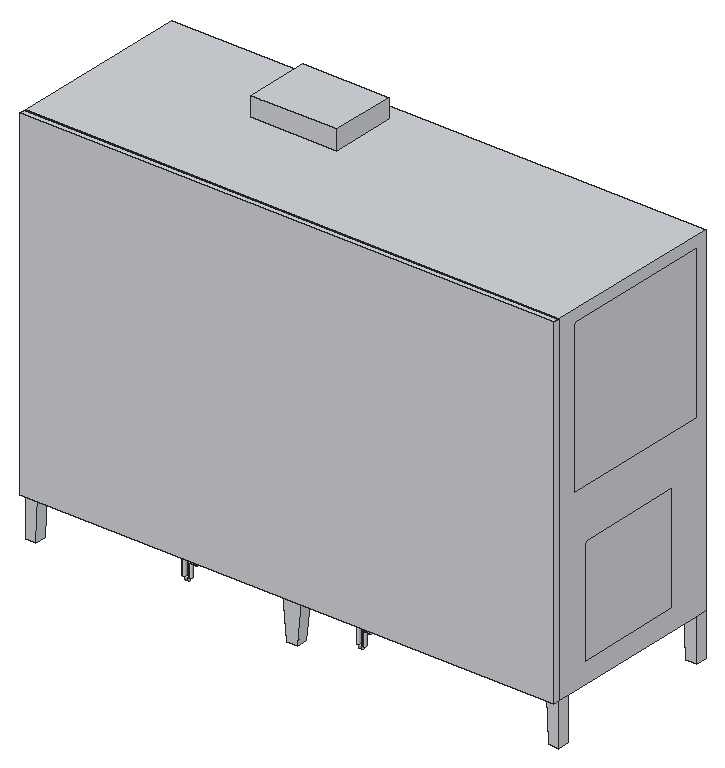
Revit family "AHU 5 _5", category Mechanické zařízení, Revit 2018
Family settings
  Kóta kulaté spojky = Použít průměr
  Typ dílu = Normální
  Číslo OmniClass = 23.75.00.00
  Nadpis OmniClass = Climate Control (HVAC)
  Založené na pracovní rovině = Ne
  Vždy vertikální = Ano
  Ořezat dutým tvarem při načtení = Ne
  Sdílené = Ne
  Bod výpočtu místnosti = Ne
Parameters (values of type "DUPLEXVENT 5000 Multi")
  Width [instance] = 0.885 mm
  Weight [instance] = 422.00 kg
  URL = ""
  Type [instance] = "DUPLEXVENT 5000 Multi"
  Total_SFP [instance] = 0
  Supply_outlet_hum [instance] = 90
  Supply_inlet_hum [instance] = 90
  Supply_ext_pressure [instance] = 0.0 Pa
  Supply_SFP [instance] = 0
  Source_adu_file [instance] = ""
  Recuperation_type [instance] = "Plate heat recovery exchanger"
  Recuperation_efficiency_EN308 [instance] = 0
  Project_name [instance] = ""
  Project_date [instance] = "9.8.2023"
  Power_supply_fusing [instance] = "0"
  Power_supply_cable [instance] = "0"
  Position [instance] = "AHU 5 "
  Phases_count [instance] = 3
  Panel_thickness [instance] = 0.06 mm
  Outer_surface [instance] = "RAL 9002"
  Length [instance] = 2.5 mm
  Insulation_type [instance] = "PUR"
  Insulation_thickness [instance] = 0.05 mm
  Installation_environment [instance] = ""
  Input_power_max [instance] = 6600 W
  Inner_surface [instance] = "Pozink"
  I2 [instance] = I1  # 0.0 L/s
  Height [instance] = 1.6 mm
  Exhaust_outlet_hum [instance] = 40
  Exhaust_inlet_hum [instance] = 40
  Exhaust_ext_pressure [instance] = 0.0 Pa
  Exhaust_SFP [instance] = 0
  E1 [instance] = E2 - M1  # 0.0 L/s
  E2 [instance] = 0.0 L/s
  I1 [instance] = 0.0 L/s
  Description = ""
  M1 [instance] = 0.0 L/s
  Device_dutypoint_version [instance] = "0"
  Device_design_version [instance] = "9"
  Device_adu_id [instance] = "5"
  Current_max [instance] = 10.8 A
  Casing_mat [instance] = "painted zinc layer"
  Cable type [instance] = "CYKY 5Jx2,5"
Reference planes
  plane 1 "Střed (vpředu/vzadu)": y = 0
  plane 2 "ref": z = 0
  plane 3 "Střed (vlevo/vpravo)": x = 0
Forms (mm)
  Sweep 1, solid
    path origin (0, 0, 0) x (0, 0, 1) y (1, 0, 0)
      loop
        line (0, 0) -> (1600, 0)
    profile origin (0, 0, 0) x (1, 0, 0) y (0, 1, 0)
      loop
        line (0, 0) -> (2500, 0) -> (2500, 855) -> (0, 855) -> (0, 0)
  Sweep 2, solid
    path origin (0, 0, 0) x (0, 0, 1) y (1, 0, 0)
      loop
        line (0, 0) -> (1600, 0)
    profile origin (0, 0, 0) x (1, 0, 0) y (0, 1, 0)
      loop
        line (0, 0) -> (0, -30) -> (2500, -30) -> (2500, 0) -> (0, 0)
  Sweep 3, solid
    path origin (1, 405, 350) x (0, 1, 0) y (-1, 0, 0)
      loop
        line (0, 0) -> (0, 1)
    profile origin (1, 405, 350) x (0, -1, 0) y (0, 0, 1)
      loop
        line (-250, -250) -> (250, -250) -> (250, 250) -> (-250, 250) -> (-250, -250)
  Sweep 4, solid
    path origin (2499, 445, 1190) x (1, 0, 0) y (0, 1, 0)
      loop
        line (0, 0) -> (1, 0)
    profile origin (2499, 445, 1190) x (0, 1, 0) y (0, 0, 1)
      loop
        line (-355, 355) -> (-355, -355) -> (355, -355) -> (355, 355) -> (-355, 355)
  Sweep 5, solid
    path origin (2499, 405, 350) x (1, 0, 0) y (0, 1, 0)
      loop
        line (0, 0) -> (1, 0)
    profile origin (2499, 405, 350) x (0, 1, 0) y (0, 0, 1)
      loop
        line (-250, 250) -> (-250, -250) -> (250, -250) -> (250, 250) -> (-250, 250)
  Sweep 6, solid
    path origin (1, 445, 1190) x (0, 1, 0) y (-1, 0, 0)
      loop
        line (0, 0) -> (0, 1)
    profile origin (1, 445, 1190) x (0, -1, 0) y (0, 0, 1)
      loop
        line (-355, -355) -> (355, -355) -> (355, 355) -> (-355, 355) -> (-355, -355)
  Sweep 7, solid
    path origin (1500, 75, 0) x (0, -1, 0) y (0, 0, 1)
      loop
        line (0, 0) -> (0, -142)
    profile origin (1500, 75, 0) x (-1, 0, 0) y (0, -1, 0)
      loop
        circle (0, 0) r 8
  Sweep 8, solid
    path origin (1508, 75, -150) x (0, 0, -1) y (1, 0, 0)
      loop
        line (0, 0) -> (0, 14)
    profile origin (1508, 75, -150) x (0, 0, 1) y (0, -1, 0)
      loop
        circle (0, 0) r 8
  Sweep 9, solid
    path origin (1530, 75, -142) x (0, -1, 0) y (0, 0, 1)
      loop
        line (0, 0) -> (0, 59)
    profile origin (1530, 75, -142) x (0, 1, 0) y (-1, 0, 0)
      loop
        circle (0, 0) r 8
  Sweep 10, solid
    path origin (1538, 75, -75) x (0, 0, -1) y (1, 0, 0)
      loop
        line (0, 0) -> (0, 22)
    profile origin (1538, 75, -75) x (0, 0, 1) y (0, -1, 0)
      loop
        circle (0, 0) r 8
  Sweep 11, solid
    path origin (685, 75, 0) x (0, -1, 0) y (0, 0, 1)
      loop
        line (0, 0) -> (0, -142)
    profile origin (685, 75, 0) x (-1, 0, 0) y (0, -1, 0)
      loop
        circle (0, 0) r 8
  Sweep 12, solid
    path origin (694, 75, -150) x (0, 0, -1) y (1, 0, 0)
      loop
        line (0, 0) -> (0, 14)
    profile origin (694, 75, -150) x (0, 0, 1) y (0, -1, 0)
      loop
        circle (0, 0) r 8
  Sweep 13, solid
    path origin (716, 75, -142) x (0, -1, 0) y (0, 0, 1)
      loop
        line (0, 0) -> (0, 59)
    profile origin (716, 75, -142) x (0, 1, 0) y (-1, 0, 0)
      loop
        circle (0, 0) r 8
  Sweep 14, solid
    path origin (724, 75, -75) x (0, 0, -1) y (1, 0, 0)
      loop
        line (0, 0) -> (0, 22)
    profile origin (724, 75, -75) x (0, 0, 1) y (0, -1, 0)
      loop
        circle (0, 0) r 8
  Sweep 15, solid
    path origin (0, 0, 0) x (0, 0, 1) y (1, 0, 0)
      loop
        line (0, 0) -> (1600, 0)
    profile origin (0, 0, 0) x (1, 0, 0) y (0, 1, 0)
      loop
        line (0, -30) -> (2500, -30) -> (2500, -5) -> (0, -5) -> (0, -30)
  Sweep 16, solid
    path origin (25, 50, 0) x (1, 0, 0) y (0, 1, 0)
      loop
        line (0, 0) -> (0, -50)
    profile origin (25, 50, 0) x (1, 0, 0) y (0, 0, 1)
      loop
        line (-25, 0) -> (-25, -200) -> (25, -200) -> (35, 0) -> (-25, 0)
  Sweep 17, solid
    path origin (2475, 50, 0) x (1, 0, 0) y (0, 1, 0)
      loop
        line (0, 0) -> (0, -50)
    profile origin (2475, 50, 0) x (1, 0, 0) y (0, 0, 1)
      loop
        line (-35, 0) -> (-25, -200) -> (25, -200) -> (25, 0) -> (-35, 0)
  Sweep 18, solid
    path origin (25, 855, 0) x (1, 0, 0) y (0, 1, 0)
      loop
        line (0, 0) -> (0, -50)
    profile origin (25, 855, 0) x (1, 0, 0) y (0, 0, 1)
      loop
        line (-25, 0) -> (-25, -200) -> (25, -200) -> (35, 0) -> (-25, 0)
  Sweep 19, solid
    path origin (2475, 855, 0) x (1, 0, 0) y (0, 1, 0)
      loop
        line (0, 0) -> (0, -50)
    profile origin (2475, 855, 0) x (1, 0, 0) y (0, 0, 1)
      loop
        line (-35, 0) -> (-25, -200) -> (25, -200) -> (25, 0) -> (-35, 0)
  Sweep 20, solid
    path origin (1250, 50, 0) x (1, 0, 0) y (0, 1, 0)
      loop
        line (0, 0) -> (0, -50)
    profile origin (1250, 50, 0) x (1, 0, 0) y (0, 0, 1)
      loop
        line (-45, 0) -> (-25, -200) -> (25, -200) -> (45, 0) -> (-45, 0)
  Sweep 21, solid
    path origin (1250, 855, 0) x (1, 0, 0) y (0, 1, 0)
      loop
        line (0, 0) -> (0, -50)
    profile origin (1250, 855, 0) x (1, 0, 0) y (0, 0, 1)
      loop
        line (-45, 0) -> (-25, -200) -> (25, -200) -> (45, 0) -> (-45, 0)
  Sweep 22, solid
    path origin (0, 0, 1600) x (0, 0, 1) y (1, 0, 0)
      loop
        line (0, 0) -> (90, 0)
    profile origin (0, 0, 1600) x (1, 0, 0) y (0, 1, 0)
      loop
        line (675, 473) -> (1080, 473) -> (1080, 778) -> (675, 778) -> (675, 473)
  Sweep 23, solid
    path origin (675, 625, 1645) x (0, 0, -1) y (1, 0, 0)
      loop
        line (0, 0) -> (0, -1)
    profile origin (675, 625, 1645) x (0, 0, -1) y (0, -1, 0)
      loop
        circle (0, 0) r 10
Lines and regions (mm)
  model lines, style "Symbol"
    curve 1: line (1025, -30, 0) -> (1025, -30, 320)
    curve 2: line (1025, -30, 1600) -> (1025, -30, 1280)
    curve 3: line (0, -30, 800) -> (545, -30, 800)
    curve 4: line (2500, -30, 800) -> (1505, -30, 800)
    curve 5: line (545, -30, 800) -> (785, -30, 1280)
    curve 6: line (785, -30, 1280) -> (1265, -30, 1280)
    curve 7: line (1265, -30, 1280) -> (1505, -30, 800)
    curve 8: line (1505, -30, 800) -> (1265, -30, 320)
    curve 9: line (1265, -30, 320) -> (1025, -30, 320)
    curve 10: line (1025, -30, 320) -> (785, -30, 320)
    curve 11: line (785, -30, 320) -> (545, -30, 800)
    curve 12: line (2148, -30, 1314) -> (2404, -30, 1270)
    curve 13: line (2148, -30, 1086) -> (2404, -30, 1130)
    curve 14: line (352, -30, 1086) -> (96, -30, 1130)
    curve 15: line (352, -30, 1314) -> (96, -30, 1270)
    curve 16: line (50, -30, 160) -> (50, -30, 640)
    curve 17: line (50, -30, 640) -> (200, -30, 640)
    curve 18: line (200, -30, 640) -> (200, -30, 160)
    curve 19: line (200, -30, 160) -> (50, -30, 160)
    curve 20: line (125, -30, 160) -> (200, -30, 400)
    curve 21: line (125, -30, 640) -> (200, -30, 400)
    curve 22: line (2450, -30, 640) -> (2450, -30, 160)
    curve 23: line (2450, -30, 160) -> (2300, -30, 160)
    curve 24: line (2300, -30, 160) -> (2300, -30, 640)
    curve 25: line (2300, -30, 640) -> (2450, -30, 640)
    curve 26: line (2375, -30, 640) -> (2300, -30, 400)
    curve 27: line (2375, -30, 160) -> (2300, -30, 400)
    curve 28: line (698, -30, 280) -> (480, -30, 708)
    curve 29: line (480, -30, 708) -> (552, -30, 744)
    curve 30: line (552, -30, 744) -> (770, -30, 316)
    curve 31: line (770, -30, 316) -> (698, -30, 280)
    curve 32: line (567, -30, 554) -> (595, -30, 641)
    curve 33: line (655, -30, 383) -> (683, -30, 470)
    curve 34: line (0, -1180, 0) -> (0, -30, 0)
    curve 35: line (2500, -1180, 0) -> (2500, -30, 0)
    curve 36: line (0, -1180, 0) -> (2500, -1180, 0)
    curve 37: line (0, -1180, 1600) -> (0, -30, 1600)
    curve 38: line (2500, -1180, 1600) -> (2500, -30, 1600)
    curve 39: line (0, -1180, 1600) -> (2500, -1180, 1600)
    curve 40: line (0, -1180, 0) -> (0, -1180, 1600)
    curve 41: line (2500, -1180, 0) -> (2500, -1180, 1600)
    curve 42: line (0, -1180, 1400) -> (200, -1180, 1600)
    curve 43: line (0, -1180, 1200) -> (400, -1180, 1600)
    curve 44: line (0, -1180, 1000) -> (600, -1180, 1600)
    curve 45: line (0, -1180, 800) -> (800, -1180, 1600)
    curve 46: line (0, -1180, 600) -> (1000, -1180, 1600)
    curve 47: line (0, -1180, 400) -> (1200, -1180, 1600)
    curve 48: line (0, -1180, 200) -> (1400, -1180, 1600)
    curve 49: line (0, -1180, 0) -> (1600, -1180, 1600)
    curve 50: line (200, -1180, 0) -> (1800, -1180, 1600)
    curve 51: line (400, -1180, 0) -> (2000, -1180, 1600)
    curve 52: line (600, -1180, 0) -> (2200, -1180, 1600)
    curve 53: line (800, -1180, 0) -> (2400, -1180, 1600)
    curve 54: line (1000, -1180, 0) -> (2500, -1180, 1500)
    curve 55: line (1200, -1180, 0) -> (2500, -1180, 1300)
    curve 56: line (1400, -1180, 0) -> (2500, -1180, 1100)
    curve 57: line (1600, -1180, 0) -> (2500, -1180, 900)
    curve 58: line (1800, -1180, 0) -> (2500, -1180, 700)
    curve 59: line (2000, -1180, 0) -> (2500, -1180, 500)
    curve 60: line (2200, -1180, 0) -> (2500, -1180, 300)
    curve 61: line (2400, -1180, 0) -> (2500, -1180, 100)
    curve 62: line (2500, -1180, 1400) -> (2500, -980, 1600)
    curve 63: line (2500, -1180, 1200) -> (2500, -780, 1600)
    curve 64: line (2500, -1180, 1000) -> (2500, -580, 1600)
    curve 65: line (2500, -1180, 800) -> (2500, -380, 1600)
    curve 66: line (2500, -1180, 600) -> (2500, -180, 1600)
    curve 67: line (2500, -1180, 400) -> (2500, -30, 1550)
    curve 68: line (2500, -1180, 200) -> (2500, -30, 1350)
    curve 69: line (2500, -1180, 0) -> (2500, -30, 1150)
    curve 70: line (2500, -980, 0) -> (2500, -30, 950)
    curve 71: line (2500, -780, 0) -> (2500, -30, 750)
    curve 72: line (2500, -580, 0) -> (2500, -30, 550)
    curve 73: line (2500, -380, 0) -> (2500, -30, 350)
    curve 74: line (2500, -180, 0) -> (2500, -30, 150)
    curve 75: line (0, -980, 1600) -> (200, -1180, 1600)
    curve 76: line (0, -780, 1600) -> (400, -1180, 1600)
    curve 77: line (0, -580, 1600) -> (600, -1180, 1600)
    curve 78: line (0, -380, 1600) -> (800, -1180, 1600)
    curve 79: line (0, -180, 1600) -> (1000, -1180, 1600)
    curve 80: line (50, -30, 1600) -> (1200, -1180, 1600)
    curve 81: line (250, -30, 1600) -> (1400, -1180, 1600)
    curve 82: line (450, -30, 1600) -> (1600, -1180, 1600)
    curve 83: line (650, -30, 1600) -> (1800, -1180, 1600)
    curve 84: line (850, -30, 1600) -> (2000, -1180, 1600)
    curve 85: line (1050, -30, 1600) -> (2200, -1180, 1600)
    curve 86: line (1250, -30, 1600) -> (2400, -1180, 1600)
    curve 87: line (1450, -30, 1600) -> (2500, -1080, 1600)
    curve 88: line (1650, -30, 1600) -> (2500, -880, 1600)
    curve 89: line (1850, -30, 1600) -> (2500, -680, 1600)
    curve 90: line (2050, -30, 1600) -> (2500, -480, 1600)
    curve 91: line (2250, -30, 1600) -> (2500, -280, 1600)
    curve 92: line (2450, -30, 1600) -> (2500, -80, 1600)
    curve 93: line (0, 0, 2320) -> (0, 0, 1600)
    curve 94: line (2500, 0, 2320) -> (2500, 0, 1600)
    curve 95: line (0, 0, 2320) -> (2500, 0, 2320)
    curve 96: line (0, 855, 2320) -> (0, 855, 1600)
    curve 97: line (2500, 855, 2320) -> (2500, 855, 1600)
    curve 98: line (0, 855, 2320) -> (2500, 855, 2320)
    curve 99: line (0, 0, 2320) -> (0, 855, 2320)
    curve 100: line (2500, 0, 2320) -> (2500, 855, 2320)
    curve 101: line (0, 655, 2320) -> (200, 855, 2320)
    curve 102: line (0, 455, 2320) -> (400, 855, 2320)
    curve 103: line (0, 255, 2320) -> (600, 855, 2320)
    curve 104: line (0, 55, 2320) -> (800, 855, 2320)
    curve 105: line (145, 0, 2320) -> (1000, 855, 2320)
    curve 106: line (345, 0, 2320) -> (1200, 855, 2320)
    curve 107: line (545, 0, 2320) -> (1400, 855, 2320)
    curve 108: line (745, 0, 2320) -> (1600, 855, 2320)
    curve 109: line (945, 0, 2320) -> (1800, 855, 2320)
    curve 110: line (1145, 0, 2320) -> (2000, 855, 2320)
    curve 111: line (1345, 0, 2320) -> (2200, 855, 2320)
    curve 112: line (1545, 0, 2320) -> (2400, 855, 2320)
    curve 113: line (1745, 0, 2320) -> (2500, 755, 2320)
    curve 114: line (1945, 0, 2320) -> (2500, 555, 2320)
    curve 115: line (2145, 0, 2320) -> (2500, 355, 2320)
    curve 116: line (2345, 0, 2320) -> (2500, 155, 2320)
    curve 117: line (2500, 655, 2320) -> (2500, 855, 2120)
    curve 118: line (2500, 455, 2320) -> (2500, 855, 1920)
    curve 119: line (2500, 255, 2320) -> (2500, 855, 1720)
    curve 120: line (2500, 55, 2320) -> (2500, 775, 1600)
    curve 121: line (2500, 0, 2175) -> (2500, 575, 1600)
    curve 122: line (2500, 0, 1975) -> (2500, 375, 1600)
    curve 123: line (2500, 0, 1775) -> (2500, 175, 1600)
    curve 124: line (0, 855, 2120) -> (200, 855, 2320)
    curve 125: line (0, 855, 1920) -> (400, 855, 2320)
    curve 126: line (0, 855, 1720) -> (600, 855, 2320)
    curve 127: line (80, 855, 1600) -> (800, 855, 2320)
    curve 128: line (280, 855, 1600) -> (1000, 855, 2320)
    curve 129: line (480, 855, 1600) -> (1200, 855, 2320)
    curve 130: line (680, 855, 1600) -> (1400, 855, 2320)
    curve 131: line (880, 855, 1600) -> (1600, 855, 2320)
    curve 132: line (1080, 855, 1600) -> (1800, 855, 2320)
    curve 133: line (1280, 855, 1600) -> (2000, 855, 2320)
    curve 134: line (1480, 855, 1600) -> (2200, 855, 2320)
    curve 135: line (1680, 855, 1600) -> (2400, 855, 2320)
    curve 136: line (1880, 855, 1600) -> (2500, 855, 2220)
    curve 137: line (2080, 855, 1600) -> (2500, 855, 2020)
    curve 138: line (2280, 855, 1600) -> (2500, 855, 1820)
    curve 139: line (2480, 855, 1600) -> (2500, 855, 1620)
    curve 140: line (0, 855, -200) -> (0, 855, 0)
    curve 141: line (2500, 855, -200) -> (2500, 855, 0)
    curve 142: line (0, 855, -200) -> (2500, 855, -200)
    curve 143: line (0, 0, -200) -> (0, 0, 0)
    curve 144: line (2500, 0, -200) -> (2500, 0, 0)
    curve 145: line (0, 0, -200) -> (2500, 0, -200)
    curve 146: line (0, 855, -200) -> (0, 0, -200)
    curve 147: line (2500, 855, -200) -> (2500, 0, -200)
    curve 148: line (0, 200, -200) -> (200, 0, -200)
    curve 149: line (0, 400, -200) -> (400, 0, -200)
    curve 150: line (0, 600, -200) -> (600, 0, -200)
    curve 151: line (0, 800, -200) -> (800, 0, -200)
    curve 152: line (145, 855, -200) -> (1000, 0, -200)
    curve 153: line (345, 855, -200) -> (1200, 0, -200)
    curve 154: line (545, 855, -200) -> (1400, 0, -200)
    curve 155: line (745, 855, -200) -> (1600, 0, -200)
    curve 156: line (945, 855, -200) -> (1800, 0, -200)
    curve 157: line (1145, 855, -200) -> (2000, 0, -200)
    curve 158: line (1345, 855, -200) -> (2200, 0, -200)
    curve 159: line (1545, 855, -200) -> (2400, 0, -200)
    curve 160: line (1745, 855, -200) -> (2500, 100, -200)
    curve 161: line (1945, 855, -200) -> (2500, 300, -200)
    curve 162: line (2145, 855, -200) -> (2500, 500, -200)
    curve 163: line (2345, 855, -200) -> (2500, 700, -200)
    curve 164: line (2500, 200, -200) -> (2500, 0, 0)
    curve 165: line (2500, 400, -200) -> (2500, 200, 0)
    curve 166: line (2500, 600, -200) -> (2500, 400, 0)
    curve 167: line (2500, 800, -200) -> (2500, 600, 0)
    curve 168: line (2500, 855, -55) -> (2500, 800, 0)
    curve 169: line (0, 0, 0) -> (200, 0, -200)
    curve 170: line (200, 0, 0) -> (400, 0, -200)
    curve 171: line (400, 0, 0) -> (600, 0, -200)
    curve 172: line (600, 0, 0) -> (800, 0, -200)
    curve 173: line (800, 0, 0) -> (1000, 0, -200)
    curve 174: line (1000, 0, 0) -> (1200, 0, -200)
    curve 175: line (1200, 0, 0) -> (1400, 0, -200)
    curve 176: line (1400, 0, 0) -> (1600, 0, -200)
    curve 177: line (1600, 0, 0) -> (1800, 0, -200)
    curve 178: line (1800, 0, 0) -> (2000, 0, -200)
    curve 179: line (2000, 0, 0) -> (2200, 0, -200)
    curve 180: line (2200, 0, 0) -> (2400, 0, -200)
    curve 181: line (2400, 0, 0) -> (2500, 0, -100)
    curve 182: line (0, -30, 0) -> (0, -30, 1600)
    curve 183: line (0, -30, 1600) -> (1120, -30, 1600)
    curve 184: line (1120, -30, 1600) -> (1120, -30, 0)
    curve 185: line (1120, -30, 0) -> (0, -30, 0)
    curve 186: line (1380, -30, 0) -> (1380, -30, 1600)
    curve 187: line (1380, -30, 1600) -> (2500, -30, 1600)
    curve 188: line (2500, -30, 1600) -> (2500, -30, 0)
    curve 189: line (2500, -30, 0) -> (1380, -30, 0)
    curve 190: line (0, -30, 0) -> (2500, -30, 0)
    curve 191: line (0, -30, 1600) -> (2500, -30, 1600)
    curve 192: line (0, -30, 0) -> (0, -30, 1600)
    curve 193: line (2500, -30, 0) -> (2500, -30, 1600)
    curve 194: line (0, -30, 0) -> (0, -5, 0)
    curve 195: line (2500, -30, 0) -> (2500, -5, 0)
    curve 196: line (0, -30, 1600) -> (0, -5, 1600)
    curve 197: line (2500, -30, 1600) -> (2500, -5, 1600)
    curve 198: circle (2260, -30, 1200) r 160 normal (0, -1, 0)
    curve 199: circle (240, -30, 1200) r 160 normal (0, -1, 0)
    curve 200: circle (581, -30, 598) r 12 normal (0, -1, 0)
    curve 201: circle (669, -30, 426) r 12 normal (0, -1, 0)
    curve 202: circle (1500, 75, 0) r 8 normal (0, 0, -1)
    curve 203: circle (1500, 75, -142) r 8 normal (0, 0, -1)
    curve 204: circle (685, 75, 0) r 8 normal (0, 0, -1)
    curve 205: circle (685, 75, -142) r 8 normal (0, 0, -1)
Dimensions and locks
  aligned and locked: level to plane 2 "ref"
Connectors
  hvac at (0, 405, 350), driven by "E1"
    settings: on Sweep 3, index 1, duct flow 0.0 L/s, flow factor 0, pres drop 0.0 Pa, loss coef 0, conn angle 0.00°, conn width 500 mm, conn height 500 mm, conn diameter 609.6 mm, duct sys type 1, conn prof type 1, flow config 1, flow direction 1, loss method 0, conn ref index -1, conn util no, is conn primary yes, conn desc ""
  hvac at (2500, 445, 1190), driven by "E2"
    settings: on Sweep 4, index 2, duct flow 0.0 L/s, flow factor 1, pres drop 0.0 Pa, loss coef 0, conn angle 0.00°, conn width 710 mm, conn height 710 mm, conn diameter 609.6 mm, duct sys type 1, conn prof type 1, flow config 2, flow direction 2, loss method 0, conn ref index -1, conn util no, is conn primary no, conn desc ""
  hvac at (2500, 405, 350), driven by "I1"
    settings: on Sweep 5, index 3, duct flow 0.0 L/s, flow factor 1, pres drop 0.0 Pa, loss coef 0, conn angle 0.00°, conn width 500 mm, conn height 500 mm, conn diameter 609.6 mm, duct sys type 3, conn prof type 1, flow config 2, flow direction 1, loss method 0, conn ref index -1, conn util no, is conn primary no, conn desc ""
  hvac at (0, 445, 1190), driven by "I2"
    settings: on Sweep 6, index 4, duct flow 0.0 L/s, flow factor 0, pres drop 0.0 Pa, loss coef 0, conn angle 0.00°, conn width 710 mm, conn height 710 mm, conn diameter 609.6 mm, duct sys type 3, conn prof type 1, flow config 1, flow direction 2, loss method 0, conn ref index -1, conn util no, is conn primary no, conn desc ""
  piping at (1560, 75, -75), diameter 40
    settings: on Sweep 10, index 5, connector inside diameter 609.6 mm, connector length 0 mm, flow factor 0, pipe flow 0.0 L/s, pressure drop 0.0 Pa, fitting loss kfactor 0, connector angle 0.00°, fixture units 0, engagement length 0 mm, angle of deflection 0.00°, flow configuration 1, flow direction 2, fitting loss method 0, system type 16, joint type 0, gender type 0, connector reference index -1, connector utility 0, adjustable connector no, is connector primary yes, connector description ""
  piping at (746, 75, -75), diameter 40
    settings: on Sweep 14, index 6, connector inside diameter 609.6 mm, connector length 0 mm, flow factor 0, pipe flow 0.0 L/s, pressure drop 0.0 Pa, fitting loss kfactor 0, connector angle 0.00°, fixture units 0, engagement length 0 mm, angle of deflection 0.00°, flow configuration 1, flow direction 2, fitting loss method 0, system type 16, joint type 0, gender type 0, connector reference index -1, connector utility 0, adjustable connector no, is connector primary no, connector description ""
  electrical at (674, 625, 1645)
    settings: on Sweep 23, index 7, voltage 400 V, apparent load 0 VA, apparent load phase1 0 VA, apparent load phase2 0 VA, apparent load phase3 0 VA, power factor 1, load classification "Další", number of poles 3, system type 31, power factor state 1, is connector primary yes, connector utility no, sub classification motor no, connector description ""
